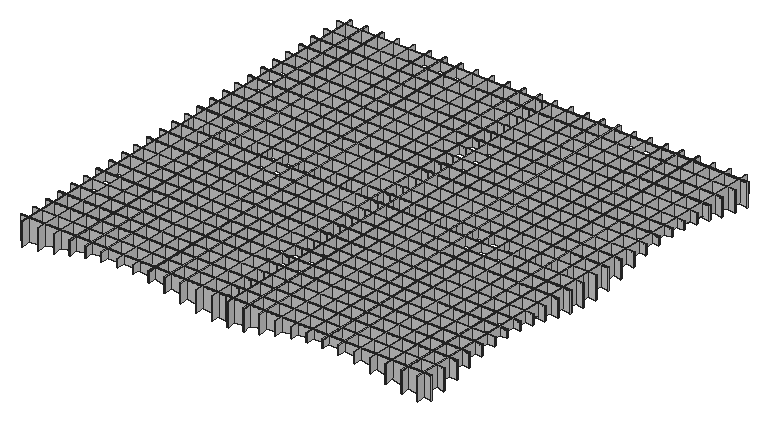
Revit family "CLD-WFL-002_RFA", category Modelos genéricos, Revit 2022 (continued)
Forms (in)
  Extrusion 325, solid
    sketch origin (108, 86.88167, 0) x (1, 0, 0) y (0, 0, 1)
      loop
        spline (3.90978, 3.20744) -> (4.64427, 3.31686) -> (5.37851, 3.42317) -> (6.11243, 3.52634) -> (6.84596, 3.62635) -> (7.57903, 3.72316) -> (8.31156, 3.81675) -> (9.04347, 3.90709) -> (9.77469, 3.99415) -> (10.50515, 4.07789) -> (11.23478, 4.1583) -> (11.96349, 4.23534) -> (12.69122, 4.30898)
        spline (12.69122, 4.30898) -> (13.34952, 4.37039) -> (14.00673, 4.4286) -> (14.66285, 4.48364) -> (15.31792, 4.53559) -> (15.97202, 4.58455) -> (16.62518, 4.63059) -> (17.27747, 4.67381) -> (17.92894, 4.71429) -> (18.57965, 4.75212) -> (19.22966, 4.78738) -> (19.87902, 4.82016) -> (20.52778, 4.85054)
        spline (20.52778, 4.85054) -> (21.26115, 4.88062) -> (21.99402, 4.90823) -> (22.72646, 4.93347) -> (23.45851, 4.95644) -> (24.19026, 4.97724) -> (24.92176, 4.99598) -> (25.65309, 5.01275) -> (26.38429, 5.02764) -> (27.11545, 5.04077) -> (27.84661, 5.05223) -> (28.57785, 5.06211) -> (29.30922, 5.07053)
        spline (29.30922, 5.07053) -> (29.95995, 5.07584) -> (30.61094, 5.08009) -> (31.26223, 5.08336) -> (31.91387, 5.08574) -> (32.56591, 5.08733) -> (33.21841, 5.0882) -> (33.87141, 5.08846) -> (34.52497, 5.08817) -> (35.17914, 5.08744) -> (35.83396, 5.08636) -> (36.48949, 5.085) -> (37.14578, 5.08346)
        spline (37.14578, 5.08346) -> (37.87194, 5.08165) -> (38.59907, 5.0799) -> (39.32723, 5.0783) -> (40.05647, 5.07696) -> (40.78684, 5.07594) -> (41.51831, 5.07527) -> (42.25083, 5.07491) -> (42.98434, 5.07483) -> (43.7188, 5.075) -> (44.45413, 5.07538) -> (45.19029, 5.07596) -> (45.92722, 5.0767)
        spline (45.92722, 5.0767) -> (46.57816, 5.07753) -> (47.22964, 5.07843) -> (47.88162, 5.07937) -> (48.53404, 5.08033) -> (49.18687, 5.08128) -> (49.84004, 5.0822) -> (50.49352, 5.08306) -> (51.14725, 5.08383) -> (51.80119, 5.0845) -> (52.45529, 5.08503) -> (53.1095, 5.0854) -> (53.76378, 5.08558)
        spline (53.76378, 5.08558) -> (54.49695, 5.08542) -> (55.23004, 5.08505) -> (55.96301, 5.0845) -> (56.6958, 5.0838) -> (57.42835, 5.08298) -> (58.16062, 5.08206) -> (58.89255, 5.08107) -> (59.62408, 5.08005) -> (60.35517, 5.07902) -> (61.08576, 5.07801) -> (61.81579, 5.07705) -> (62.54522, 5.07616)
        spline (62.54522, 5.07616) -> (63.20286, 5.07551) -> (63.85981, 5.075) -> (64.51602, 5.07466) -> (65.17144, 5.07452) -> (65.82603, 5.0746) -> (66.47973, 5.07493) -> (67.1325, 5.07554) -> (67.78428, 5.07645) -> (68.43505, 5.07766) -> (69.08486, 5.07909) -> (69.73376, 5.08066) -> (70.38178, 5.08229)
        spline (70.38178, 5.08229) -> (71.1172, 5.08386) -> (71.85177, 5.08523) -> (72.58555, 5.08629) -> (73.31859, 5.08695) -> (74.05095, 5.08712) -> (74.78269, 5.08668) -> (75.51386, 5.08555) -> (76.24453, 5.08362) -> (76.97474, 5.08079) -> (77.70455, 5.07697) -> (78.43403, 5.07206) -> (79.16322, 5.06596)
        spline (79.16322, 5.06596) -> (79.81589, 5.05858) -> (80.46845, 5.04989) -> (81.12094, 5.0398) -> (81.77342, 5.02821) -> (82.42595, 5.01505) -> (83.07858, 5.00022) -> (83.73137, 4.98363) -> (84.38439, 4.9652) -> (85.03768, 4.94483) -> (85.6913, 4.92244) -> (86.34531, 4.89793) -> (86.99978, 4.87123)
        spline (86.99978, 4.87123) -> (87.72677, 4.83707) -> (88.45442, 4.80022) -> (89.18281, 4.7606) -> (89.91198, 4.7181) -> (90.642, 4.67263) -> (91.37294, 4.62408) -> (92.10486, 4.57237) -> (92.83781, 4.5174) -> (93.57187, 4.45907) -> (94.3071, 4.39728) -> (95.04355, 4.33194) -> (95.78122, 4.26301)
        spline (95.78122, 4.26301) -> (96.43065, 4.19725) -> (97.08095, 4.12847) -> (97.73207, 4.05667) -> (98.38393, 3.9819) -> (99.03648, 3.90417) -> (99.68963, 3.82352) -> (100.34334, 3.73996) -> (100.99753, 3.65352) -> (101.65213, 3.56424) -> (102.30709, 3.47213) -> (102.96233, 3.37722) -> (103.61778, 3.27954)
        spline (103.61778, 3.27954) -> (103.98302, 3.22342) -> (104.34828, 3.16655) -> (104.71355, 3.10893) -> (105.07882, 3.05057) -> (105.44409, 2.99146) -> (105.80934, 2.93162) -> (106.17456, 2.87105) -> (106.53976, 2.80974) -> (106.9049, 2.74771) -> (107.27, 2.68496) -> (107.63504, 2.62148) -> (108, 2.55729)
        line (108, 2.55729) -> (108, 11.82144)
    from -0.11811 to 0
  Extrusion 326, solid
    sketch origin (108, 86.99978, 0) x (1, 0, 0) y (0, 0, 1)
      loop
        line (108, 11.82144) -> (0, 11.82144) -> (0, 2.55729)
        spline (0, 2.55729) -> (0.32561, 2.61504) -> (0.65129, 2.67215) -> (0.97702, 2.72862) -> (1.3028, 2.78445) -> (1.62862, 2.83963) -> (1.95447, 2.89415) -> (2.28035, 2.94802) -> (2.60624, 3.00123) -> (2.93213, 3.05379) -> (3.25803, 3.10567) -> (3.58391, 3.15689) -> (3.90978, 3.20744)
        spline (3.90978, 3.20744) -> (4.64427, 3.31686) -> (5.37851, 3.42317) -> (6.11243, 3.52634) -> (6.84596, 3.62635) -> (7.57903, 3.72316) -> (8.31156, 3.81675) -> (9.04347, 3.90709) -> (9.77469, 3.99415) -> (10.50515, 4.07789) -> (11.23478, 4.1583) -> (11.96349, 4.23534) -> (12.69122, 4.30898)
        spline (12.69122, 4.30898) -> (13.34952, 4.37039) -> (14.00673, 4.4286) -> (14.66285, 4.48364) -> (15.31792, 4.53559) -> (15.97202, 4.58455) -> (16.62518, 4.63059) -> (17.27747, 4.67381) -> (17.92894, 4.71429) -> (18.57965, 4.75212) -> (19.22966, 4.78738) -> (19.87902, 4.82016) -> (20.52778, 4.85054)
        spline (20.52778, 4.85054) -> (21.26115, 4.88062) -> (21.99402, 4.90823) -> (22.72646, 4.93347) -> (23.45851, 4.95644) -> (24.19026, 4.97724) -> (24.92176, 4.99598) -> (25.65309, 5.01275) -> (26.38429, 5.02764) -> (27.11545, 5.04077) -> (27.84661, 5.05223) -> (28.57785, 5.06211) -> (29.30922, 5.07053)
        spline (29.30922, 5.07053) -> (29.95995, 5.07584) -> (30.61094, 5.08009) -> (31.26223, 5.08336) -> (31.91387, 5.08574) -> (32.56591, 5.08733) -> (33.21841, 5.0882) -> (33.87141, 5.08846) -> (34.52497, 5.08817) -> (35.17914, 5.08744) -> (35.83396, 5.08636) -> (36.48949, 5.085) -> (37.14578, 5.08346)
        spline (37.14578, 5.08346) -> (37.87194, 5.08165) -> (38.59907, 5.0799) -> (39.32723, 5.0783) -> (40.05647, 5.07696) -> (40.78684, 5.07594) -> (41.51831, 5.07527) -> (42.25083, 5.07491) -> (42.98434, 5.07483) -> (43.7188, 5.075) -> (44.45413, 5.07538) -> (45.19029, 5.07596) -> (45.92722, 5.0767)
        spline (45.92722, 5.0767) -> (46.57816, 5.07753) -> (47.22964, 5.07843) -> (47.88162, 5.07937) -> (48.53404, 5.08033) -> (49.18687, 5.08128) -> (49.84004, 5.0822) -> (50.49352, 5.08306) -> (51.14725, 5.08383) -> (51.80119, 5.0845) -> (52.45529, 5.08503) -> (53.1095, 5.0854) -> (53.76378, 5.08558)
        spline (53.76378, 5.08558) -> (54.49695, 5.08542) -> (55.23004, 5.08505) -> (55.96301, 5.0845) -> (56.6958, 5.0838) -> (57.42835, 5.08298) -> (58.16062, 5.08206) -> (58.89255, 5.08107) -> (59.62408, 5.08005) -> (60.35517, 5.07902) -> (61.08576, 5.07801) -> (61.81579, 5.07705) -> (62.54522, 5.07616)
        spline (62.54522, 5.07616) -> (63.20286, 5.07551) -> (63.85981, 5.075) -> (64.51602, 5.07466) -> (65.17144, 5.07452) -> (65.82603, 5.0746) -> (66.47973, 5.07493) -> (67.1325, 5.07554) -> (67.78428, 5.07645) -> (68.43505, 5.07766) -> (69.08486, 5.07909) -> (69.73376, 5.08066) -> (70.38178, 5.08229)
        spline (70.38178, 5.08229) -> (71.1172, 5.08386) -> (71.85177, 5.08523) -> (72.58555, 5.08629) -> (73.31859, 5.08695) -> (74.05095, 5.08712) -> (74.78269, 5.08668) -> (75.51386, 5.08555) -> (76.24453, 5.08362) -> (76.97474, 5.08079) -> (77.70455, 5.07697) -> (78.43403, 5.07206) -> (79.16322, 5.06596)
        spline (79.16322, 5.06596) -> (79.81589, 5.05858) -> (80.46845, 5.04989) -> (81.12094, 5.0398) -> (81.77342, 5.02821) -> (82.42595, 5.01505) -> (83.07858, 5.00022) -> (83.73137, 4.98363) -> (84.38439, 4.9652) -> (85.03768, 4.94483) -> (85.6913, 4.92244) -> (86.34531, 4.89793) -> (86.99978, 4.87123)
        spline (86.99978, 4.87123) -> (87.72677, 4.83707) -> (88.45442, 4.80022) -> (89.18281, 4.7606) -> (89.91198, 4.7181) -> (90.642, 4.67263) -> (91.37294, 4.62408) -> (92.10486, 4.57237) -> (92.83781, 4.5174) -> (93.57187, 4.45907) -> (94.3071, 4.39728) -> (95.04355, 4.33194) -> (95.78122, 4.26301)
        spline (95.78122, 4.26301) -> (96.43065, 4.19725) -> (97.08095, 4.12847) -> (97.73207, 4.05667) -> (98.38393, 3.9819) -> (99.03648, 3.90417) -> (99.68963, 3.82352) -> (100.34334, 3.73996) -> (100.99753, 3.65352) -> (101.65213, 3.56424) -> (102.30709, 3.47213) -> (102.96233, 3.37722) -> (103.61778, 3.27954)
        spline (103.61778, 3.27954) -> (103.98302, 3.22342) -> (104.34828, 3.16655) -> (104.71355, 3.10893) -> (105.07882, 3.05057) -> (105.44409, 2.99146) -> (105.80934, 2.93162) -> (106.17456, 2.87105) -> (106.53976, 2.80974) -> (106.9049, 2.74771) -> (107.27, 2.68496) -> (107.63504, 2.62148) -> (108, 2.55729)
        line (108, 2.55729) -> (108, 11.82144)
    from -0.47244 to 0
  Extrusion 327, solid
    sketch origin (108, 87.47222, 0) x (1, 0, 0) y (0, 0, 1)
      loop
        line (108, 11.82144) -> (0, 11.82144) -> (0, 2.55729)
        spline (0, 2.55729) -> (0.32561, 2.61504) -> (0.65129, 2.67215) -> (0.97702, 2.72862) -> (1.3028, 2.78445) -> (1.62862, 2.83963) -> (1.95447, 2.89415) -> (2.28035, 2.94802) -> (2.60624, 3.00123) -> (2.93213, 3.05379) -> (3.25803, 3.10567) -> (3.58391, 3.15689) -> (3.90978, 3.20744)
        spline (3.90978, 3.20744) -> (4.64427, 3.31686) -> (5.37851, 3.42317) -> (6.11243, 3.52634) -> (6.84596, 3.62635) -> (7.57903, 3.72316) -> (8.31156, 3.81675) -> (9.04347, 3.90709) -> (9.77469, 3.99415) -> (10.50515, 4.07789) -> (11.23478, 4.1583) -> (11.96349, 4.23534) -> (12.69122, 4.30898)
        spline (12.69122, 4.30898) -> (13.34952, 4.37039) -> (14.00673, 4.4286) -> (14.66285, 4.48364) -> (15.31792, 4.53559) -> (15.97202, 4.58455) -> (16.62518, 4.63059) -> (17.27747, 4.67381) -> (17.92894, 4.71429) -> (18.57965, 4.75212) -> (19.22966, 4.78738) -> (19.87902, 4.82016) -> (20.52778, 4.85054)
        spline (20.52778, 4.85054) -> (21.26115, 4.88062) -> (21.99402, 4.90823) -> (22.72646, 4.93347) -> (23.45851, 4.95644) -> (24.19026, 4.97724) -> (24.92176, 4.99598) -> (25.65309, 5.01275) -> (26.38429, 5.02764) -> (27.11545, 5.04077) -> (27.84661, 5.05223) -> (28.57785, 5.06211) -> (29.30922, 5.07053)
        spline (29.30922, 5.07053) -> (29.95995, 5.07584) -> (30.61094, 5.08009) -> (31.26223, 5.08336) -> (31.91387, 5.08574) -> (32.56591, 5.08733) -> (33.21841, 5.0882) -> (33.87141, 5.08846) -> (34.52497, 5.08817) -> (35.17914, 5.08744) -> (35.83396, 5.08636) -> (36.48949, 5.085) -> (37.14578, 5.08346)
        spline (37.14578, 5.08346) -> (37.87194, 5.08165) -> (38.59907, 5.0799) -> (39.32723, 5.0783) -> (40.05647, 5.07696) -> (40.78684, 5.07594) -> (41.51831, 5.07527) -> (42.25083, 5.07491) -> (42.98434, 5.07483) -> (43.7188, 5.075) -> (44.45413, 5.07538) -> (45.19029, 5.07596) -> (45.92722, 5.0767)
        spline (45.92722, 5.0767) -> (46.57816, 5.07753) -> (47.22964, 5.07843) -> (47.88162, 5.07937) -> (48.53404, 5.08033) -> (49.18687, 5.08128) -> (49.84004, 5.0822) -> (50.49352, 5.08306) -> (51.14725, 5.08383) -> (51.80119, 5.0845) -> (52.45529, 5.08503) -> (53.1095, 5.0854) -> (53.76378, 5.08558)
        spline (53.76378, 5.08558) -> (54.49695, 5.08542) -> (55.23004, 5.08505) -> (55.96301, 5.0845) -> (56.6958, 5.0838) -> (57.42835, 5.08298) -> (58.16062, 5.08206) -> (58.89255, 5.08107) -> (59.62408, 5.08005) -> (60.35517, 5.07902) -> (61.08576, 5.07801) -> (61.81579, 5.07705) -> (62.54522, 5.07616)
        spline (62.54522, 5.07616) -> (63.20286, 5.07551) -> (63.85981, 5.075) -> (64.51602, 5.07466) -> (65.17144, 5.07452) -> (65.82603, 5.0746) -> (66.47973, 5.07493) -> (67.1325, 5.07554) -> (67.78428, 5.07645) -> (68.43505, 5.07766) -> (69.08486, 5.07909) -> (69.73376, 5.08066) -> (70.38178, 5.08229)
        spline (70.38178, 5.08229) -> (71.1172, 5.08386) -> (71.85177, 5.08523) -> (72.58555, 5.08629) -> (73.31859, 5.08695) -> (74.05095, 5.08712) -> (74.78269, 5.08668) -> (75.51386, 5.08555) -> (76.24453, 5.08362) -> (76.97474, 5.08079) -> (77.70455, 5.07697) -> (78.43403, 5.07206) -> (79.16322, 5.06596)
        spline (79.16322, 5.06596) -> (79.81589, 5.05858) -> (80.46845, 5.04989) -> (81.12094, 5.0398) -> (81.77342, 5.02821) -> (82.42595, 5.01505) -> (83.07858, 5.00022) -> (83.73137, 4.98363) -> (84.38439, 4.9652) -> (85.03768, 4.94483) -> (85.6913, 4.92244) -> (86.34531, 4.89793) -> (86.99978, 4.87123)
        spline (86.99978, 4.87123) -> (87.72677, 4.83707) -> (88.45442, 4.80022) -> (89.18281, 4.7606) -> (89.91198, 4.7181) -> (90.642, 4.67263) -> (91.37294, 4.62408) -> (92.10486, 4.57237) -> (92.83781, 4.5174) -> (93.57187, 4.45907) -> (94.3071, 4.39728) -> (95.04355, 4.33194) -> (95.78122, 4.26301)
        spline (95.78122, 4.26301) -> (96.43065, 4.19725) -> (97.08095, 4.12847) -> (97.73207, 4.05667) -> (98.38393, 3.9819) -> (99.03648, 3.90417) -> (99.68963, 3.82352) -> (100.34334, 3.73996) -> (100.99753, 3.65352) -> (101.65213, 3.56424) -> (102.30709, 3.47213) -> (102.96233, 3.37722) -> (103.61778, 3.27954)
        spline (103.61778, 3.27954) -> (103.98302, 3.22342) -> (104.34828, 3.16655) -> (104.71355, 3.10893) -> (105.07882, 3.05057) -> (105.44409, 2.99146) -> (105.80934, 2.93162) -> (106.17456, 2.87105) -> (106.53976, 2.80974) -> (106.9049, 2.74771) -> (107.27, 2.68496) -> (107.63504, 2.62148) -> (108, 2.55729)
        line (108, 2.55729) -> (108, 11.82144)
    from -0.11811 to 0
  Extrusion 328, solid
    sketch origin (108, 95.19067, 0) x (1, 0, 0) y (0, 0, 1)
      loop
        line (108, 11.82144) -> (0, 11.82144) -> (0, 0.88375)
        spline (0, 0.88375) -> (0.32561, 0.94348) -> (0.65129, 1.00296) -> (0.97702, 1.06219) -> (1.3028, 1.12116) -> (1.62862, 1.1799) -> (1.95447, 1.23838) -> (2.28035, 1.29662) -> (2.60624, 1.35462) -> (2.93213, 1.41237) -> (3.25803, 1.46988) -> (3.58391, 1.52715) -> (3.90978, 1.58418)
        spline (3.90978, 1.58418) -> (4.64426, 1.71122) -> (5.37851, 1.8372) -> (6.11243, 1.96212) -> (6.84596, 2.086) -> (7.57903, 2.20885) -> (8.31155, 2.33067) -> (9.04347, 2.45149) -> (9.77469, 2.57131) -> (10.50515, 2.69014) -> (11.23478, 2.80798) -> (11.96349, 2.92486) -> (12.69122, 3.04079)
        spline (12.69122, 3.04079) -> (13.34952, 3.14441) -> (14.00673, 3.24717) -> (14.66285, 3.34906) -> (15.31792, 3.45005) -> (15.97202, 3.55011) -> (16.62518, 3.64921) -> (17.27747, 3.74732) -> (17.92894, 3.8444) -> (18.57965, 3.94043) -> (19.22966, 4.03537) -> (19.87902, 4.12919) -> (20.52778, 4.22187)
        spline (20.52778, 4.22187) -> (21.26116, 4.32437) -> (21.99403, 4.42546) -> (22.72646, 4.52511) -> (23.45852, 4.62328) -> (24.19027, 4.71993) -> (24.92177, 4.81503) -> (25.6531, 4.90854) -> (26.3843, 5.00042) -> (27.11545, 5.09065) -> (27.84662, 5.17918) -> (28.57786, 5.26598) -> (29.30922, 5.35101)
        spline (29.30922, 5.35101) -> (29.95995, 5.42391) -> (30.61094, 5.49516) -> (31.26223, 5.56472) -> (31.91387, 5.63257) -> (32.56591, 5.69867) -> (33.21841, 5.763) -> (33.87141, 5.82551) -> (34.52497, 5.88618) -> (35.17914, 5.94498) -> (35.83396, 6.00187) -> (36.48949, 6.05683) -> (37.14578, 6.10982)
        spline (37.14578, 6.10982) -> (37.87194, 6.16453) -> (38.59907, 6.21702) -> (39.32723, 6.26723) -> (40.05647, 6.31514) -> (40.78684, 6.36072) -> (41.51831, 6.40397) -> (42.25083, 6.44489) -> (42.98434, 6.4835) -> (43.71879, 6.51981) -> (44.45413, 6.55383) -> (45.19029, 6.58557) -> (45.92722, 6.61503)
        spline (45.92722, 6.61503) -> (46.57816, 6.6376) -> (47.22964, 6.65822) -> (47.88162, 6.67689) -> (48.53404, 6.69363) -> (49.18687, 6.70845) -> (49.84004, 6.72134) -> (50.49352, 6.73234) -> (51.14725, 6.74143) -> (51.80119, 6.74863) -> (52.45529, 6.75396) -> (53.1095, 6.75742) -> (53.76378, 6.75901)
        spline (53.76378, 6.75901) -> (54.49695, 6.7572) -> (55.23004, 6.75331) -> (55.96301, 6.74732) -> (56.6958, 6.73922) -> (57.42835, 6.72901) -> (58.16062, 6.71667) -> (58.89255, 6.7022) -> (59.62408, 6.68557) -> (60.35517, 6.66679) -> (61.08576, 6.64585) -> (61.81579, 6.62272) -> (62.54522, 6.59741)
        spline (62.54522, 6.59741) -> (63.20286, 6.57112) -> (63.85981, 6.54281) -> (64.51602, 6.51247) -> (65.17144, 6.48008) -> (65.82603, 6.44563) -> (66.47973, 6.40912) -> (67.1325, 6.37054) -> (67.78428, 6.32988) -> (68.43505, 6.28713) -> (69.08486, 6.24233) -> (69.73376, 6.19551) -> (70.38178, 6.14669)
        spline (70.38178, 6.14669) -> (71.1172, 6.08737) -> (71.85177, 6.02584) -> (72.58554, 5.96214) -> (73.31858, 5.89631) -> (74.05094, 5.82838) -> (74.78268, 5.75838) -> (75.51386, 5.68636) -> (76.24452, 5.61234) -> (76.97473, 5.53637) -> (77.70455, 5.45847) -> (78.43403, 5.37869) -> (79.16322, 5.29705)
        spline (79.16322, 5.29705) -> (79.81589, 5.22111) -> (80.46845, 5.14359) -> (81.12094, 5.06452) -> (81.77342, 4.98394) -> (82.42595, 4.90188) -> (83.07858, 4.81837) -> (83.73137, 4.73344) -> (84.38439, 4.64713) -> (85.03768, 4.55947) -> (85.6913, 4.47048) -> (86.34531, 4.3802) -> (86.99978, 4.28866)
        spline (86.99978, 4.28866) -> (87.72677, 4.18488) -> (88.45442, 4.07981) -> (89.1828, 3.97349) -> (89.91197, 3.86595) -> (90.64199, 3.75723) -> (91.37293, 3.64737) -> (92.10485, 3.53639) -> (92.8378, 3.42433) -> (93.57186, 3.31123) -> (94.30709, 3.19712) -> (95.04354, 3.08203) -> (95.78122, 2.96599)
        spline (95.78122, 2.96599) -> (96.4698, 2.85601) -> (97.15931, 2.74512) -> (97.84968, 2.63332) -> (98.54085, 2.52058) -> (99.23273, 2.40692) -> (99.92527, 2.2923) -> (100.61838, 2.17673) -> (101.31201, 2.06019) -> (102.00608, 1.94268) -> (102.70052, 1.82418) -> (103.39525, 1.70469) -> (104.09022, 1.58418)
        spline (104.09022, 1.58418) -> (104.41609, 1.52715) -> (104.74197, 1.46988) -> (105.06787, 1.41237) -> (105.39376, 1.35462) -> (105.71965, 1.29662) -> (106.04553, 1.23838) -> (106.37138, 1.1799) -> (106.6972, 1.12116) -> (107.02298, 1.06219) -> (107.34871, 1.00296) -> (107.67439, 0.94348) -> (108, 0.88375)
        line (108, 0.88375) -> (108, 11.82144)
    from -0.11811 to 0
  Extrusion 329, solid
    sketch origin (108, 95.66311, 0) x (1, 0, 0) y (0, 0, 1)
      loop
        line (108, 11.82144) -> (0, 11.82144) -> (0, 0.88375)
        spline (0, 0.88375) -> (0.32561, 0.94348) -> (0.65129, 1.00296) -> (0.97702, 1.06219) -> (1.3028, 1.12116) -> (1.62862, 1.1799) -> (1.95447, 1.23838) -> (2.28035, 1.29662) -> (2.60624, 1.35462) -> (2.93213, 1.41237) -> (3.25803, 1.46988) -> (3.58391, 1.52715) -> (3.90978, 1.58418)
        spline (3.90978, 1.58418) -> (4.64426, 1.71122) -> (5.37851, 1.8372) -> (6.11243, 1.96212) -> (6.84596, 2.086) -> (7.57903, 2.20885) -> (8.31155, 2.33067) -> (9.04347, 2.45149) -> (9.77469, 2.57131) -> (10.50515, 2.69014) -> (11.23478, 2.80798) -> (11.96349, 2.92486) -> (12.69122, 3.04079)
        spline (12.69122, 3.04079) -> (13.34952, 3.14441) -> (14.00673, 3.24717) -> (14.66285, 3.34906) -> (15.31792, 3.45005) -> (15.97202, 3.55011) -> (16.62518, 3.64921) -> (17.27747, 3.74732) -> (17.92894, 3.8444) -> (18.57965, 3.94043) -> (19.22966, 4.03537) -> (19.87902, 4.12919) -> (20.52778, 4.22187)
        spline (20.52778, 4.22187) -> (21.26116, 4.32437) -> (21.99403, 4.42546) -> (22.72646, 4.52511) -> (23.45852, 4.62328) -> (24.19027, 4.71993) -> (24.92177, 4.81503) -> (25.6531, 4.90854) -> (26.3843, 5.00042) -> (27.11545, 5.09065) -> (27.84662, 5.17918) -> (28.57786, 5.26598) -> (29.30922, 5.35101)
        spline (29.30922, 5.35101) -> (29.95995, 5.42391) -> (30.61094, 5.49516) -> (31.26223, 5.56472) -> (31.91387, 5.63257) -> (32.56591, 5.69867) -> (33.21841, 5.763) -> (33.87141, 5.82551) -> (34.52497, 5.88618) -> (35.17914, 5.94498) -> (35.83396, 6.00187) -> (36.48949, 6.05683) -> (37.14578, 6.10982)
        spline (37.14578, 6.10982) -> (37.87194, 6.16453) -> (38.59907, 6.21702) -> (39.32723, 6.26723) -> (40.05647, 6.31514) -> (40.78684, 6.36072) -> (41.51831, 6.40397) -> (42.25083, 6.44489) -> (42.98434, 6.4835) -> (43.71879, 6.51981) -> (44.45413, 6.55383) -> (45.19029, 6.58557) -> (45.92722, 6.61503)
        spline (45.92722, 6.61503) -> (46.57816, 6.6376) -> (47.22964, 6.65822) -> (47.88162, 6.67689) -> (48.53404, 6.69363) -> (49.18687, 6.70845) -> (49.84004, 6.72134) -> (50.49352, 6.73234) -> (51.14725, 6.74143) -> (51.80119, 6.74863) -> (52.45529, 6.75396) -> (53.1095, 6.75742) -> (53.76378, 6.75901)
        spline (53.76378, 6.75901) -> (54.49695, 6.7572) -> (55.23004, 6.75331) -> (55.96301, 6.74732) -> (56.6958, 6.73922) -> (57.42835, 6.72901) -> (58.16062, 6.71667) -> (58.89255, 6.7022) -> (59.62408, 6.68557) -> (60.35517, 6.66679) -> (61.08576, 6.64585) -> (61.81579, 6.62272) -> (62.54522, 6.59741)
        spline (62.54522, 6.59741) -> (63.20286, 6.57112) -> (63.85981, 6.54281) -> (64.51602, 6.51247) -> (65.17144, 6.48008) -> (65.82603, 6.44563) -> (66.47973, 6.40912) -> (67.1325, 6.37054) -> (67.78428, 6.32988) -> (68.43505, 6.28713) -> (69.08486, 6.24233) -> (69.73376, 6.19551) -> (70.38178, 6.14669)
        spline (70.38178, 6.14669) -> (71.1172, 6.08737) -> (71.85177, 6.02584) -> (72.58554, 5.96214) -> (73.31858, 5.89631) -> (74.05094, 5.82838) -> (74.78268, 5.75838) -> (75.51386, 5.68636) -> (76.24452, 5.61234) -> (76.97473, 5.53637) -> (77.70455, 5.45847) -> (78.43403, 5.37869) -> (79.16322, 5.29705)
        spline (79.16322, 5.29705) -> (79.81589, 5.22111) -> (80.46845, 5.14359) -> (81.12094, 5.06452) -> (81.77342, 4.98394) -> (82.42595, 4.90188) -> (83.07858, 4.81837) -> (83.73137, 4.73344) -> (84.38439, 4.64713) -> (85.03768, 4.55947) -> (85.6913, 4.47048) -> (86.34531, 4.3802) -> (86.99978, 4.28866)
        spline (86.99978, 4.28866) -> (87.72677, 4.18488) -> (88.45442, 4.07981) -> (89.1828, 3.97349) -> (89.91197, 3.86595) -> (90.64199, 3.75723) -> (91.37293, 3.64737) -> (92.10485, 3.53639) -> (92.8378, 3.42433) -> (93.57186, 3.31123) -> (94.30709, 3.19712) -> (95.04354, 3.08203) -> (95.78122, 2.96599)
        spline (95.78122, 2.96599) -> (96.4698, 2.85601) -> (97.15931, 2.74512) -> (97.84968, 2.63332) -> (98.54085, 2.52058) -> (99.23273, 2.40692) -> (99.92527, 2.2923) -> (100.61838, 2.17673) -> (101.31201, 2.06019) -> (102.00608, 1.94268) -> (102.70052, 1.82418) -> (103.39525, 1.70469) -> (104.09022, 1.58418)
        spline (104.09022, 1.58418) -> (104.41609, 1.52715) -> (104.74197, 1.46988) -> (105.06787, 1.41237) -> (105.39376, 1.35462) -> (105.71965, 1.29662) -> (106.04553, 1.23838) -> (106.37138, 1.1799) -> (106.6972, 1.12116) -> (107.02298, 1.06219) -> (107.34871, 1.00296) -> (107.67439, 0.94348) -> (108, 0.88375)
        line (108, 0.88375) -> (108, 11.82144)
    from -0.11811 to 0.35433
  Extrusion 330, solid
    sketch origin (108, 95.78122, 0) x (1, 0, 0) y (0, 0, 1)
      loop
        line (108, 11.82144) -> (0, 11.82144) -> (0, 0.88375)
        spline (0, 0.88375) -> (0.32561, 0.94348) -> (0.65129, 1.00296) -> (0.97702, 1.06219) -> (1.3028, 1.12116) -> (1.62862, 1.1799) -> (1.95447, 1.23838) -> (2.28035, 1.29662) -> (2.60624, 1.35462) -> (2.93213, 1.41237) -> (3.25803, 1.46988) -> (3.58391, 1.52715) -> (3.90978, 1.58418)
        spline (3.90978, 1.58418) -> (4.64426, 1.71122) -> (5.37851, 1.8372) -> (6.11243, 1.96212) -> (6.84596, 2.086) -> (7.57903, 2.20885) -> (8.31155, 2.33067) -> (9.04347, 2.45149) -> (9.77469, 2.57131) -> (10.50515, 2.69014) -> (11.23478, 2.80798) -> (11.96349, 2.92486) -> (12.69122, 3.04079)
        spline (12.69122, 3.04079) -> (13.34952, 3.14441) -> (14.00673, 3.24717) -> (14.66285, 3.34906) -> (15.31792, 3.45005) -> (15.97202, 3.55011) -> (16.62518, 3.64921) -> (17.27747, 3.74732) -> (17.92894, 3.8444) -> (18.57965, 3.94043) -> (19.22966, 4.03537) -> (19.87902, 4.12919) -> (20.52778, 4.22187)
        spline (20.52778, 4.22187) -> (21.26116, 4.32437) -> (21.99403, 4.42546) -> (22.72646, 4.52511) -> (23.45852, 4.62328) -> (24.19027, 4.71993) -> (24.92177, 4.81503) -> (25.6531, 4.90854) -> (26.3843, 5.00042) -> (27.11545, 5.09065) -> (27.84662, 5.17918) -> (28.57786, 5.26598) -> (29.30922, 5.35101)
        spline (29.30922, 5.35101) -> (29.95995, 5.42391) -> (30.61094, 5.49516) -> (31.26223, 5.56472) -> (31.91387, 5.63257) -> (32.56591, 5.69867) -> (33.21841, 5.763) -> (33.87141, 5.82551) -> (34.52497, 5.88618) -> (35.17914, 5.94498) -> (35.83396, 6.00187) -> (36.48949, 6.05683) -> (37.14578, 6.10982)
        spline (37.14578, 6.10982) -> (37.87194, 6.16453) -> (38.59907, 6.21702) -> (39.32723, 6.26723) -> (40.05647, 6.31514) -> (40.78684, 6.36072) -> (41.51831, 6.40397) -> (42.25083, 6.44489) -> (42.98434, 6.4835) -> (43.71879, 6.51981) -> (44.45413, 6.55383) -> (45.19029, 6.58557) -> (45.92722, 6.61503)
        spline (45.92722, 6.61503) -> (46.57816, 6.6376) -> (47.22964, 6.65822) -> (47.88162, 6.67689) -> (48.53404, 6.69363) -> (49.18687, 6.70845) -> (49.84004, 6.72134) -> (50.49352, 6.73234) -> (51.14725, 6.74143) -> (51.80119, 6.74863) -> (52.45529, 6.75396) -> (53.1095, 6.75742) -> (53.76378, 6.75901)
        spline (53.76378, 6.75901) -> (54.49695, 6.7572) -> (55.23004, 6.75331) -> (55.96301, 6.74732) -> (56.6958, 6.73922) -> (57.42835, 6.72901) -> (58.16062, 6.71667) -> (58.89255, 6.7022) -> (59.62408, 6.68557) -> (60.35517, 6.66679) -> (61.08576, 6.64585) -> (61.81579, 6.62272) -> (62.54522, 6.59741)
        spline (62.54522, 6.59741) -> (63.20286, 6.57112) -> (63.85981, 6.54281) -> (64.51602, 6.51247) -> (65.17144, 6.48008) -> (65.82603, 6.44563) -> (66.47973, 6.40912) -> (67.1325, 6.37054) -> (67.78428, 6.32988) -> (68.43505, 6.28713) -> (69.08486, 6.24233) -> (69.73376, 6.19551) -> (70.38178, 6.14669)
        spline (70.38178, 6.14669) -> (71.1172, 6.08737) -> (71.85177, 6.02584) -> (72.58554, 5.96214) -> (73.31858, 5.89631) -> (74.05094, 5.82838) -> (74.78268, 5.75838) -> (75.51386, 5.68636) -> (76.24452, 5.61234) -> (76.97473, 5.53637) -> (77.70455, 5.45847) -> (78.43403, 5.37869) -> (79.16322, 5.29705)
        spline (79.16322, 5.29705) -> (79.81589, 5.22111) -> (80.46845, 5.14359) -> (81.12094, 5.06452) -> (81.77342, 4.98394) -> (82.42595, 4.90188) -> (83.07858, 4.81837) -> (83.73137, 4.73344) -> (84.38439, 4.64713) -> (85.03768, 4.55947) -> (85.6913, 4.47048) -> (86.34531, 4.3802) -> (86.99978, 4.28866)
        spline (86.99978, 4.28866) -> (87.72677, 4.18488) -> (88.45442, 4.07981) -> (89.1828, 3.97349) -> (89.91197, 3.86595) -> (90.64199, 3.75723) -> (91.37293, 3.64737) -> (92.10485, 3.53639) -> (92.8378, 3.42433) -> (93.57186, 3.31123) -> (94.30709, 3.19712) -> (95.04354, 3.08203) -> (95.78122, 2.96599)
        spline (95.78122, 2.96599) -> (96.4698, 2.85601) -> (97.15931, 2.74512) -> (97.84968, 2.63332) -> (98.54085, 2.52058) -> (99.23273, 2.40692) -> (99.92527, 2.2923) -> (100.61838, 2.17673) -> (101.31201, 2.06019) -> (102.00608, 1.94268) -> (102.70052, 1.82418) -> (103.39525, 1.70469) -> (104.09022, 1.58418)
        spline (104.09022, 1.58418) -> (104.41609, 1.52715) -> (104.74197, 1.46988) -> (105.06787, 1.41237) -> (105.39376, 1.35462) -> (105.71965, 1.29662) -> (106.04553, 1.23838) -> (106.37138, 1.1799) -> (106.6972, 1.12116) -> (107.02298, 1.06219) -> (107.34871, 1.00296) -> (107.67439, 0.94348) -> (108, 0.88375)
        line (108, 0.88375) -> (108, 11.82144)
    from -0.11811 to 0
  Extrusion 331, solid
    sketch origin (108, 103.49967, 0) x (1, 0, 0) y (0, 0, 1)
      loop
        line (108, 11.82144) -> (0, 11.82144) -> (0, 0)
        spline (0, 0) -> (0.32561, 0.03535) -> (0.65129, 0.07108) -> (0.97702, 0.10719) -> (1.3028, 0.14369) -> (1.62862, 0.18058) -> (1.95447, 0.21788) -> (2.28035, 0.25557) -> (2.60624, 0.29369) -> (2.93213, 0.33222) -> (3.25803, 0.37118) -> (3.58391, 0.41056) -> (3.90978, 0.45039)
        spline (3.90978, 0.45039) -> (4.64427, 0.54331) -> (5.37851, 0.63835) -> (6.11243, 0.73557) -> (6.84597, 0.83501) -> (7.57904, 0.93675) -> (8.31156, 1.04084) -> (9.04347, 1.14734) -> (9.7747, 1.25631) -> (10.50516, 1.36779) -> (11.23478, 1.48186) -> (11.96349, 1.59857) -> (12.69122, 1.71798)
        spline (12.69122, 1.71798) -> (13.38922, 1.83797) -> (14.08606, 1.96074) -> (14.78174, 2.08623) -> (15.47631, 2.21426) -> (16.16984, 2.34463) -> (16.86238, 2.47718) -> (17.55399, 2.61172) -> (18.24473, 2.74807) -> (18.93467, 2.88604) -> (19.62386, 3.02546) -> (20.31235, 3.16614) -> (21.00022, 3.30789)
        spline (21.00022, 3.30789) -> (21.65469, 3.44372) -> (22.3087, 3.5801) -> (22.96232, 3.71687) -> (23.61561, 3.85384) -> (24.26863, 3.99083) -> (24.92142, 4.12768) -> (25.57405, 4.2642) -> (26.22658, 4.40021) -> (26.87906, 4.53554) -> (27.53155, 4.67001) -> (28.18411, 4.80344) -> (28.83678, 4.93566)
        spline (28.83678, 4.93566) -> (29.71888, 5.11051) -> (30.60133, 5.28308) -> (31.48418, 5.45313) -> (32.36752, 5.62042) -> (33.25139, 5.78471) -> (34.13589, 5.94577) -> (35.02106, 6.10336) -> (35.90699, 6.25724) -> (36.79374, 6.40717) -> (37.68137, 6.55291) -> (38.56997, 6.69423) -> (39.45958, 6.83089)
        spline (39.45958, 6.83089) -> (39.81456, 6.88206) -> (40.17002, 6.93114) -> (40.52597, 6.97806) -> (40.88246, 7.0227) -> (41.2395, 7.065) -> (41.59707, 7.10495) -> (41.95516, 7.14258) -> (42.31373, 7.17791) -> (42.67277, 7.21097) -> (43.03223, 7.2418) -> (43.3921, 7.27043) -> (43.75234, 7.29687)
        spline (43.75234, 7.29687) -> (44.62318, 7.35197) -> (45.49474, 7.40207) -> (46.36696, 7.44722) -> (47.23979, 7.48751) -> (48.11314, 7.52299) -> (48.98697, 7.55374) -> (49.8612, 7.57983) -> (50.73577, 7.60132) -> (51.61063, 7.61828) -> (52.48569, 7.63078) -> (53.36091, 7.63889) -> (54.23622, 7.64268)
        spline (54.23622, 7.64268) -> (54.8905, 7.63994) -> (55.54471, 7.63396) -> (56.19881, 7.62471) -> (56.85275, 7.61212) -> (57.50648, 7.59614) -> (58.15996, 7.57673) -> (58.81313, 7.55383) -> (59.46596, 7.5274) -> (60.11838, 7.49738) -> (60.77036, 7.46371) -> (61.42184, 7.42635) -> (62.07278, 7.38525)
        spline (62.07278, 7.38525) -> (62.80971, 7.33115) -> (63.54587, 7.27259) -> (64.28121, 7.20951) -> (65.01566, 7.14186) -> (65.74917, 7.06957) -> (66.48169, 6.99259) -> (67.21316, 6.91086) -> (67.94353, 6.82432) -> (68.67277, 6.73297) -> (69.40093, 6.637) -> (70.12806, 6.53658) -> (70.85422, 6.4319)
        spline (70.85422, 6.4319) -> (71.51051, 6.33081) -> (72.16604, 6.22628) -> (72.82086, 6.11849) -> (73.47503, 6.00761) -> (74.12859, 5.89382) -> (74.78159, 5.7773) -> (75.43409, 5.65821) -> (76.08613, 5.53673) -> (76.73777, 5.41305) -> (77.38906, 5.28733) -> (78.04005, 5.15975) -> (78.69078, 5.03049)
        spline (78.69078, 5.03049) -> (79.42214, 4.88265) -> (80.15338, 4.73345) -> (80.88454, 4.58309) -> (81.6157, 4.43177) -> (82.3469, 4.27969) -> (83.07823, 4.12703) -> (83.80973, 3.97401) -> (84.54148, 3.82083) -> (85.27354, 3.66767) -> (86.00597, 3.51473) -> (86.73884, 3.36223) -> (87.47222, 3.21035)
        spline (87.47222, 3.21035) -> (88.12098, 3.07725) -> (88.77034, 2.94516) -> (89.42035, 2.81427) -> (90.07106, 2.68474) -> (90.72253, 2.55674) -> (91.37482, 2.43044) -> (92.02798, 2.30602) -> (92.68208, 2.18365) -> (93.33715, 2.0635) -> (93.99327, 1.94575) -> (94.65048, 1.83055) -> (95.30878, 1.71798)
        spline (95.30878, 1.71798) -> (96.03651, 1.59857) -> (96.76522, 1.48186) -> (97.49484, 1.36779) -> (98.2253, 1.25631) -> (98.95653, 1.14734) -> (99.68844, 1.04084) -> (100.42096, 0.93675) -> (101.15403, 0.83501) -> (101.88757, 0.73557) -> (102.62149, 0.63835) -> (103.35573, 0.54331) -> (104.09022, 0.45039)
        spline (104.09022, 0.45039) -> (104.41609, 0.41056) -> (104.74197, 0.37118) -> (105.06787, 0.33222) -> (105.39376, 0.29369) -> (105.71965, 0.25557) -> (106.04553, 0.21788) -> (106.37138, 0.18058) -> (106.6972, 0.14369) -> (107.02298, 0.10719) -> (107.34871, 0.07108) -> (107.67439, 0.03535) -> (108, 0)
        line (108, 0) -> (108, 11.82144)
    from -0.11811 to 0
  Extrusion 332, solid
    sketch origin (108, 104.09022, 0) x (1, 0, 0) y (0, 0, 1)
      loop
        line (108, 11.82144) -> (0, 11.82144) -> (0, 0)
        spline (0, 0) -> (0.32561, 0.03535) -> (0.65129, 0.07108) -> (0.97702, 0.10719) -> (1.3028, 0.14369) -> (1.62862, 0.18058) -> (1.95447, 0.21788) -> (2.28035, 0.25557) -> (2.60624, 0.29369) -> (2.93213, 0.33222) -> (3.25803, 0.37118) -> (3.58391, 0.41056) -> (3.90978, 0.45039)
        spline (3.90978, 0.45039) -> (4.64427, 0.54331) -> (5.37851, 0.63835) -> (6.11243, 0.73557) -> (6.84597, 0.83501) -> (7.57904, 0.93675) -> (8.31156, 1.04084) -> (9.04347, 1.14734) -> (9.7747, 1.25631) -> (10.50516, 1.36779) -> (11.23478, 1.48186) -> (11.96349, 1.59857) -> (12.69122, 1.71798)
        spline (12.69122, 1.71798) -> (13.38922, 1.83797) -> (14.08606, 1.96074) -> (14.78174, 2.08623) -> (15.47631, 2.21426) -> (16.16984, 2.34463) -> (16.86238, 2.47718) -> (17.55399, 2.61172) -> (18.24473, 2.74807) -> (18.93467, 2.88604) -> (19.62386, 3.02546) -> (20.31235, 3.16614) -> (21.00022, 3.30789)
        spline (21.00022, 3.30789) -> (21.65469, 3.44372) -> (22.3087, 3.5801) -> (22.96232, 3.71687) -> (23.61561, 3.85384) -> (24.26863, 3.99083) -> (24.92142, 4.12768) -> (25.57405, 4.2642) -> (26.22658, 4.40021) -> (26.87906, 4.53554) -> (27.53155, 4.67001) -> (28.18411, 4.80344) -> (28.83678, 4.93566)
        spline (28.83678, 4.93566) -> (29.71888, 5.11051) -> (30.60133, 5.28308) -> (31.48418, 5.45313) -> (32.36752, 5.62042) -> (33.25139, 5.78471) -> (34.13589, 5.94577) -> (35.02106, 6.10336) -> (35.90699, 6.25724) -> (36.79374, 6.40717) -> (37.68137, 6.55291) -> (38.56997, 6.69423) -> (39.45958, 6.83089)
        spline (39.45958, 6.83089) -> (39.81456, 6.88206) -> (40.17002, 6.93114) -> (40.52597, 6.97806) -> (40.88246, 7.0227) -> (41.2395, 7.065) -> (41.59707, 7.10495) -> (41.95516, 7.14258) -> (42.31373, 7.17791) -> (42.67277, 7.21097) -> (43.03223, 7.2418) -> (43.3921, 7.27043) -> (43.75234, 7.29687)
        spline (43.75234, 7.29687) -> (44.62318, 7.35197) -> (45.49474, 7.40207) -> (46.36696, 7.44722) -> (47.23979, 7.48751) -> (48.11314, 7.52299) -> (48.98697, 7.55374) -> (49.8612, 7.57983) -> (50.73577, 7.60132) -> (51.61063, 7.61828) -> (52.48569, 7.63078) -> (53.36091, 7.63889) -> (54.23622, 7.64268)
        spline (54.23622, 7.64268) -> (54.8905, 7.63994) -> (55.54471, 7.63396) -> (56.19881, 7.62471) -> (56.85275, 7.61212) -> (57.50648, 7.59614) -> (58.15996, 7.57673) -> (58.81313, 7.55383) -> (59.46596, 7.5274) -> (60.11838, 7.49738) -> (60.77036, 7.46371) -> (61.42184, 7.42635) -> (62.07278, 7.38525)
        spline (62.07278, 7.38525) -> (62.80971, 7.33115) -> (63.54587, 7.27259) -> (64.28121, 7.20951) -> (65.01566, 7.14186) -> (65.74917, 7.06957) -> (66.48169, 6.99259) -> (67.21316, 6.91086) -> (67.94353, 6.82432) -> (68.67277, 6.73297) -> (69.40093, 6.637) -> (70.12806, 6.53658) -> (70.85422, 6.4319)
        spline (70.85422, 6.4319) -> (71.51051, 6.33081) -> (72.16604, 6.22628) -> (72.82086, 6.11849) -> (73.47503, 6.00761) -> (74.12859, 5.89382) -> (74.78159, 5.7773) -> (75.43409, 5.65821) -> (76.08613, 5.53673) -> (76.73777, 5.41305) -> (77.38906, 5.28733) -> (78.04005, 5.15975) -> (78.69078, 5.03049)
        spline (78.69078, 5.03049) -> (79.42214, 4.88265) -> (80.15338, 4.73345) -> (80.88454, 4.58309) -> (81.6157, 4.43177) -> (82.3469, 4.27969) -> (83.07823, 4.12703) -> (83.80973, 3.97401) -> (84.54148, 3.82083) -> (85.27354, 3.66767) -> (86.00597, 3.51473) -> (86.73884, 3.36223) -> (87.47222, 3.21035)
        spline (87.47222, 3.21035) -> (88.12098, 3.07725) -> (88.77034, 2.94516) -> (89.42035, 2.81427) -> (90.07106, 2.68474) -> (90.72253, 2.55674) -> (91.37482, 2.43044) -> (92.02798, 2.30602) -> (92.68208, 2.18365) -> (93.33715, 2.0635) -> (93.99327, 1.94575) -> (94.65048, 1.83055) -> (95.30878, 1.71798)
        spline (95.30878, 1.71798) -> (96.03651, 1.59857) -> (96.76522, 1.48186) -> (97.49484, 1.36779) -> (98.2253, 1.25631) -> (98.95653, 1.14734) -> (99.68844, 1.04084) -> (100.42096, 0.93675) -> (101.15403, 0.83501) -> (101.88757, 0.73557) -> (102.62149, 0.63835) -> (103.35573, 0.54331) -> (104.09022, 0.45039)
        spline (104.09022, 0.45039) -> (104.41609, 0.41056) -> (104.74197, 0.37118) -> (105.06787, 0.33222) -> (105.39376, 0.29369) -> (105.71965, 0.25557) -> (106.04553, 0.21788) -> (106.37138, 0.18058) -> (106.6972, 0.14369) -> (107.02298, 0.10719) -> (107.34871, 0.07108) -> (107.67439, 0.03535) -> (108, 0)
        line (108, 0) -> (108, 11.82144)
    from -0.11811 to 0
  Extrusion 333, solid
    sketch origin (108, 103.97211, 0) x (1, 0, 0) y (0, 0, 1)
      loop
        line (108, 11.82144) -> (0, 11.82144) -> (0, 0)
        spline (0, 0) -> (0.32561, 0.03535) -> (0.65129, 0.07108) -> (0.97702, 0.10719) -> (1.3028, 0.14369) -> (1.62862, 0.18058) -> (1.95447, 0.21788) -> (2.28035, 0.25557) -> (2.60624, 0.29369) -> (2.93213, 0.33222) -> (3.25803, 0.37118) -> (3.58391, 0.41056) -> (3.90978, 0.45039)
        spline (3.90978, 0.45039) -> (4.64427, 0.54331) -> (5.37851, 0.63835) -> (6.11243, 0.73557) -> (6.84597, 0.83501) -> (7.57904, 0.93675) -> (8.31156, 1.04084) -> (9.04347, 1.14734) -> (9.7747, 1.25631) -> (10.50516, 1.36779) -> (11.23478, 1.48186) -> (11.96349, 1.59857) -> (12.69122, 1.71798)
        spline (12.69122, 1.71798) -> (13.38922, 1.83797) -> (14.08606, 1.96074) -> (14.78174, 2.08623) -> (15.47631, 2.21426) -> (16.16984, 2.34463) -> (16.86238, 2.47718) -> (17.55399, 2.61172) -> (18.24473, 2.74807) -> (18.93467, 2.88604) -> (19.62386, 3.02546) -> (20.31235, 3.16614) -> (21.00022, 3.30789)
        spline (21.00022, 3.30789) -> (21.65469, 3.44372) -> (22.3087, 3.5801) -> (22.96232, 3.71687) -> (23.61561, 3.85384) -> (24.26863, 3.99083) -> (24.92142, 4.12768) -> (25.57405, 4.2642) -> (26.22658, 4.40021) -> (26.87906, 4.53554) -> (27.53155, 4.67001) -> (28.18411, 4.80344) -> (28.83678, 4.93566)
        spline (28.83678, 4.93566) -> (29.71888, 5.11051) -> (30.60133, 5.28308) -> (31.48418, 5.45313) -> (32.36752, 5.62042) -> (33.25139, 5.78471) -> (34.13589, 5.94577) -> (35.02106, 6.10336) -> (35.90699, 6.25724) -> (36.79374, 6.40717) -> (37.68137, 6.55291) -> (38.56997, 6.69423) -> (39.45958, 6.83089)
        spline (39.45958, 6.83089) -> (39.81456, 6.88206) -> (40.17002, 6.93114) -> (40.52597, 6.97806) -> (40.88246, 7.0227) -> (41.2395, 7.065) -> (41.59707, 7.10495) -> (41.95516, 7.14258) -> (42.31373, 7.17791) -> (42.67277, 7.21097) -> (43.03223, 7.2418) -> (43.3921, 7.27043) -> (43.75234, 7.29687)
        spline (43.75234, 7.29687) -> (44.62318, 7.35197) -> (45.49474, 7.40207) -> (46.36696, 7.44722) -> (47.23979, 7.48751) -> (48.11314, 7.52299) -> (48.98697, 7.55374) -> (49.8612, 7.57983) -> (50.73577, 7.60132) -> (51.61063, 7.61828) -> (52.48569, 7.63078) -> (53.36091, 7.63889) -> (54.23622, 7.64268)
        spline (54.23622, 7.64268) -> (54.8905, 7.63994) -> (55.54471, 7.63396) -> (56.19881, 7.62471) -> (56.85275, 7.61212) -> (57.50648, 7.59614) -> (58.15996, 7.57673) -> (58.81313, 7.55383) -> (59.46596, 7.5274) -> (60.11838, 7.49738) -> (60.77036, 7.46371) -> (61.42184, 7.42635) -> (62.07278, 7.38525)
        spline (62.07278, 7.38525) -> (62.80971, 7.33115) -> (63.54587, 7.27259) -> (64.28121, 7.20951) -> (65.01566, 7.14186) -> (65.74917, 7.06957) -> (66.48169, 6.99259) -> (67.21316, 6.91086) -> (67.94353, 6.82432) -> (68.67277, 6.73297) -> (69.40093, 6.637) -> (70.12806, 6.53658) -> (70.85422, 6.4319)
        spline (70.85422, 6.4319) -> (71.51051, 6.33081) -> (72.16604, 6.22628) -> (72.82086, 6.11849) -> (73.47503, 6.00761) -> (74.12859, 5.89382) -> (74.78159, 5.7773) -> (75.43409, 5.65821) -> (76.08613, 5.53673) -> (76.73777, 5.41305) -> (77.38906, 5.28733) -> (78.04005, 5.15975) -> (78.69078, 5.03049)
        spline (78.69078, 5.03049) -> (79.42214, 4.88265) -> (80.15338, 4.73345) -> (80.88454, 4.58309) -> (81.6157, 4.43177) -> (82.3469, 4.27969) -> (83.07823, 4.12703) -> (83.80973, 3.97401) -> (84.54148, 3.82083) -> (85.27354, 3.66767) -> (86.00597, 3.51473) -> (86.73884, 3.36223) -> (87.47222, 3.21035)
        spline (87.47222, 3.21035) -> (88.12098, 3.07725) -> (88.77034, 2.94516) -> (89.42035, 2.81427) -> (90.07106, 2.68474) -> (90.72253, 2.55674) -> (91.37482, 2.43044) -> (92.02798, 2.30602) -> (92.68208, 2.18365) -> (93.33715, 2.0635) -> (93.99327, 1.94575) -> (94.65048, 1.83055) -> (95.30878, 1.71798)
        spline (95.30878, 1.71798) -> (96.03651, 1.59857) -> (96.76522, 1.48186) -> (97.49484, 1.36779) -> (98.2253, 1.25631) -> (98.95653, 1.14734) -> (99.68844, 1.04084) -> (100.42096, 0.93675) -> (101.15403, 0.83501) -> (101.88757, 0.73557) -> (102.62149, 0.63835) -> (103.35573, 0.54331) -> (104.09022, 0.45039)
        spline (104.09022, 0.45039) -> (104.41609, 0.41056) -> (104.74197, 0.37118) -> (105.06787, 0.33222) -> (105.39376, 0.29369) -> (105.71965, 0.25557) -> (106.04553, 0.21788) -> (106.37138, 0.18058) -> (106.6972, 0.14369) -> (107.02298, 0.10719) -> (107.34871, 0.07108) -> (107.67439, 0.03535) -> (108, 0)
        line (108, 0) -> (108, 11.82144)
    from -0.11811 to 0.35433
  Extrusion 334, solid
    sketch origin (111.79167, 108, 0) x (0, -1, 0) y (0, 0, 1)
      loop
        line (108, 11.82144) -> (0, 11.82144) -> (0, 0)
        spline (0, 0) -> (0.32561, 0.03535) -> (0.65129, 0.07108) -> (0.97702, 0.10719) -> (1.3028, 0.14369) -> (1.62862, 0.18058) -> (1.95447, 0.21788) -> (2.28035, 0.25557) -> (2.60624, 0.29369) -> (2.93213, 0.33222) -> (3.25803, 0.37118) -> (3.58391, 0.41056) -> (3.90978, 0.45039)
        spline (3.90978, 0.45039) -> (4.64427, 0.54331) -> (5.37851, 0.63835) -> (6.11243, 0.73557) -> (6.84597, 0.83501) -> (7.57904, 0.93675) -> (8.31156, 1.04084) -> (9.04347, 1.14734) -> (9.7747, 1.25631) -> (10.50516, 1.36779) -> (11.23478, 1.48186) -> (11.96349, 1.59857) -> (12.69122, 1.71798)
        spline (12.69122, 1.71798) -> (13.38922, 1.83797) -> (14.08606, 1.96074) -> (14.78174, 2.08623) -> (15.47631, 2.21426) -> (16.16984, 2.34463) -> (16.86238, 2.47718) -> (17.55399, 2.61172) -> (18.24473, 2.74807) -> (18.93467, 2.88604) -> (19.62386, 3.02546) -> (20.31235, 3.16614) -> (21.00022, 3.30789)
        spline (21.00022, 3.30789) -> (21.65469, 3.44372) -> (22.3087, 3.5801) -> (22.96232, 3.71687) -> (23.61561, 3.85384) -> (24.26863, 3.99083) -> (24.92142, 4.12768) -> (25.57405, 4.2642) -> (26.22658, 4.40021) -> (26.87906, 4.53554) -> (27.53155, 4.67001) -> (28.18411, 4.80344) -> (28.83678, 4.93566)
        spline (28.83678, 4.93566) -> (29.71888, 5.11051) -> (30.60133, 5.28308) -> (31.48418, 5.45313) -> (32.36752, 5.62042) -> (33.25139, 5.78471) -> (34.13589, 5.94577) -> (35.02106, 6.10336) -> (35.90699, 6.25724) -> (36.79374, 6.40717) -> (37.68137, 6.55291) -> (38.56997, 6.69423) -> (39.45958, 6.83089)
        spline (39.45958, 6.83089) -> (39.81456, 6.88206) -> (40.17002, 6.93114) -> (40.52597, 6.97806) -> (40.88246, 7.0227) -> (41.2395, 7.065) -> (41.59707, 7.10495) -> (41.95516, 7.14258) -> (42.31373, 7.17791) -> (42.67277, 7.21097) -> (43.03223, 7.2418) -> (43.3921, 7.27043) -> (43.75234, 7.29687)
        spline (43.75234, 7.29687) -> (44.62318, 7.35197) -> (45.49474, 7.40207) -> (46.36696, 7.44722) -> (47.23979, 7.48751) -> (48.11314, 7.52299) -> (48.98697, 7.55374) -> (49.8612, 7.57983) -> (50.73577, 7.60132) -> (51.61063, 7.61828) -> (52.48569, 7.63078) -> (53.36091, 7.63889) -> (54.23622, 7.64268)
        spline (54.23622, 7.64268) -> (54.8905, 7.63994) -> (55.54471, 7.63396) -> (56.19881, 7.62471) -> (56.85275, 7.61212) -> (57.50648, 7.59614) -> (58.15996, 7.57673) -> (58.81313, 7.55383) -> (59.46596, 7.5274) -> (60.11838, 7.49738) -> (60.77036, 7.46371) -> (61.42184, 7.42635) -> (62.07278, 7.38525)
        spline (62.07278, 7.38525) -> (62.80971, 7.33115) -> (63.54587, 7.27259) -> (64.28121, 7.20951) -> (65.01566, 7.14186) -> (65.74917, 7.06957) -> (66.48169, 6.99259) -> (67.21316, 6.91086) -> (67.94353, 6.82432) -> (68.67277, 6.73297) -> (69.40093, 6.637) -> (70.12806, 6.53658) -> (70.85422, 6.4319)
        spline (70.85422, 6.4319) -> (71.51051, 6.33081) -> (72.16604, 6.22628) -> (72.82086, 6.11849) -> (73.47503, 6.00761) -> (74.12859, 5.89382) -> (74.78159, 5.7773) -> (75.43409, 5.65821) -> (76.08613, 5.53673) -> (76.73777, 5.41305) -> (77.38906, 5.28733) -> (78.04005, 5.15975) -> (78.69078, 5.03049)
        spline (78.69078, 5.03049) -> (79.42214, 4.88265) -> (80.15338, 4.73345) -> (80.88454, 4.58309) -> (81.6157, 4.43177) -> (82.3469, 4.27969) -> (83.07823, 4.12703) -> (83.80973, 3.97401) -> (84.54148, 3.82083) -> (85.27354, 3.66767) -> (86.00597, 3.51473) -> (86.73884, 3.36223) -> (87.47222, 3.21035)
        spline (87.47222, 3.21035) -> (88.12098, 3.07725) -> (88.77034, 2.94516) -> (89.42035, 2.81427) -> (90.07106, 2.68474) -> (90.72253, 2.55674) -> (91.37482, 2.43044) -> (92.02798, 2.30602) -> (92.68208, 2.18365) -> (93.33715, 2.0635) -> (93.99327, 1.94575) -> (94.65048, 1.83055) -> (95.30878, 1.71798)
        spline (95.30878, 1.71798) -> (96.03651, 1.59857) -> (96.76522, 1.48186) -> (97.49484, 1.36779) -> (98.2253, 1.25631) -> (98.95653, 1.14734) -> (99.68844, 1.04084) -> (100.42096, 0.93675) -> (101.15403, 0.83501) -> (101.88757, 0.73557) -> (102.62149, 0.63835) -> (103.35573, 0.54331) -> (104.09022, 0.45039)
        spline (104.09022, 0.45039) -> (104.41609, 0.41056) -> (104.74197, 0.37118) -> (105.06787, 0.33222) -> (105.39376, 0.29369) -> (105.71965, 0.25557) -> (106.04553, 0.21788) -> (106.37138, 0.18058) -> (106.6972, 0.14369) -> (107.02298, 0.10719) -> (107.34871, 0.07108) -> (107.67439, 0.03535) -> (108, 0)
        line (108, 0) -> (108, 11.82144)
    from -0.11811 to 0
  Extrusion 335, solid
    sketch origin (112.38222, 108, 0) x (0, -1, 0) y (0, 0, 1)
      loop
        line (108, 11.82144) -> (0, 11.82144) -> (0, 0)
        spline (0, 0) -> (0.32561, 0.03535) -> (0.65129, 0.07108) -> (0.97702, 0.10719) -> (1.3028, 0.14369) -> (1.62862, 0.18058) -> (1.95447, 0.21788) -> (2.28035, 0.25557) -> (2.60624, 0.29369) -> (2.93213, 0.33222) -> (3.25803, 0.37118) -> (3.58391, 0.41056) -> (3.90978, 0.45039)
        spline (3.90978, 0.45039) -> (4.64427, 0.54331) -> (5.37851, 0.63835) -> (6.11243, 0.73557) -> (6.84597, 0.83501) -> (7.57904, 0.93675) -> (8.31156, 1.04084) -> (9.04347, 1.14734) -> (9.7747, 1.25631) -> (10.50516, 1.36779) -> (11.23478, 1.48186) -> (11.96349, 1.59857) -> (12.69122, 1.71798)
        spline (12.69122, 1.71798) -> (13.38922, 1.83797) -> (14.08606, 1.96074) -> (14.78174, 2.08623) -> (15.47631, 2.21426) -> (16.16984, 2.34463) -> (16.86238, 2.47718) -> (17.55399, 2.61172) -> (18.24473, 2.74807) -> (18.93467, 2.88604) -> (19.62386, 3.02546) -> (20.31235, 3.16614) -> (21.00022, 3.30789)
        spline (21.00022, 3.30789) -> (21.65469, 3.44372) -> (22.3087, 3.5801) -> (22.96232, 3.71687) -> (23.61561, 3.85384) -> (24.26863, 3.99083) -> (24.92142, 4.12768) -> (25.57405, 4.2642) -> (26.22658, 4.40021) -> (26.87906, 4.53554) -> (27.53155, 4.67001) -> (28.18411, 4.80344) -> (28.83678, 4.93566)
        spline (28.83678, 4.93566) -> (29.71888, 5.11051) -> (30.60133, 5.28308) -> (31.48418, 5.45313) -> (32.36752, 5.62042) -> (33.25139, 5.78471) -> (34.13589, 5.94577) -> (35.02106, 6.10336) -> (35.90699, 6.25724) -> (36.79374, 6.40717) -> (37.68137, 6.55291) -> (38.56997, 6.69423) -> (39.45958, 6.83089)
        spline (39.45958, 6.83089) -> (39.81456, 6.88206) -> (40.17002, 6.93114) -> (40.52597, 6.97806) -> (40.88246, 7.0227) -> (41.2395, 7.065) -> (41.59707, 7.10495) -> (41.95516, 7.14258) -> (42.31373, 7.17791) -> (42.67277, 7.21097) -> (43.03223, 7.2418) -> (43.3921, 7.27043) -> (43.75234, 7.29687)
        spline (43.75234, 7.29687) -> (44.62318, 7.35197) -> (45.49474, 7.40207) -> (46.36696, 7.44722) -> (47.23979, 7.48751) -> (48.11314, 7.52299) -> (48.98697, 7.55374) -> (49.8612, 7.57983) -> (50.73577, 7.60132) -> (51.61063, 7.61828) -> (52.48569, 7.63078) -> (53.36091, 7.63889) -> (54.23622, 7.64268)
        spline (54.23622, 7.64268) -> (54.8905, 7.63994) -> (55.54471, 7.63396) -> (56.19881, 7.62471) -> (56.85275, 7.61212) -> (57.50648, 7.59614) -> (58.15996, 7.57673) -> (58.81313, 7.55383) -> (59.46596, 7.5274) -> (60.11838, 7.49738) -> (60.77036, 7.46371) -> (61.42184, 7.42635) -> (62.07278, 7.38525)
        spline (62.07278, 7.38525) -> (62.80971, 7.33115) -> (63.54587, 7.27259) -> (64.28121, 7.20951) -> (65.01566, 7.14186) -> (65.74917, 7.06957) -> (66.48169, 6.99259) -> (67.21316, 6.91086) -> (67.94353, 6.82432) -> (68.67277, 6.73297) -> (69.40093, 6.637) -> (70.12806, 6.53658) -> (70.85422, 6.4319)
        spline (70.85422, 6.4319) -> (71.51051, 6.33081) -> (72.16604, 6.22628) -> (72.82086, 6.11849) -> (73.47503, 6.00761) -> (74.12859, 5.89382) -> (74.78159, 5.7773) -> (75.43409, 5.65821) -> (76.08613, 5.53673) -> (76.73777, 5.41305) -> (77.38906, 5.28733) -> (78.04005, 5.15975) -> (78.69078, 5.03049)
        spline (78.69078, 5.03049) -> (79.42214, 4.88265) -> (80.15338, 4.73345) -> (80.88454, 4.58309) -> (81.6157, 4.43177) -> (82.3469, 4.27969) -> (83.07823, 4.12703) -> (83.80973, 3.97401) -> (84.54148, 3.82083) -> (85.27354, 3.66767) -> (86.00597, 3.51473) -> (86.73884, 3.36223) -> (87.47222, 3.21035)
        spline (87.47222, 3.21035) -> (88.12098, 3.07725) -> (88.77034, 2.94516) -> (89.42035, 2.81427) -> (90.07106, 2.68474) -> (90.72253, 2.55674) -> (91.37482, 2.43044) -> (92.02798, 2.30602) -> (92.68208, 2.18365) -> (93.33715, 2.0635) -> (93.99327, 1.94575) -> (94.65048, 1.83055) -> (95.30878, 1.71798)
        spline (95.30878, 1.71798) -> (96.03651, 1.59857) -> (96.76522, 1.48186) -> (97.49484, 1.36779) -> (98.2253, 1.25631) -> (98.95653, 1.14734) -> (99.68844, 1.04084) -> (100.42096, 0.93675) -> (101.15403, 0.83501) -> (101.88757, 0.73557) -> (102.62149, 0.63835) -> (103.35573, 0.54331) -> (104.09022, 0.45039)
        spline (104.09022, 0.45039) -> (104.41609, 0.41056) -> (104.74197, 0.37118) -> (105.06787, 0.33222) -> (105.39376, 0.29369) -> (105.71965, 0.25557) -> (106.04553, 0.21788) -> (106.37138, 0.18058) -> (106.6972, 0.14369) -> (107.02298, 0.10719) -> (107.34871, 0.07108) -> (107.67439, 0.03535) -> (108, 0)
        line (108, 0) -> (108, 11.82144)
    from -0.11811 to 0
  Extrusion 336, solid
    sketch origin (112.26411, 108, 0) x (0, -1, 0) y (0, 0, 1)
      loop
        line (108, 11.82144) -> (0, 11.82144) -> (0, 0)
        spline (0, 0) -> (0.32561, 0.03535) -> (0.65129, 0.07108) -> (0.97702, 0.10719) -> (1.3028, 0.14369) -> (1.62862, 0.18058) -> (1.95447, 0.21788) -> (2.28035, 0.25557) -> (2.60624, 0.29369) -> (2.93213, 0.33222) -> (3.25803, 0.37118) -> (3.58391, 0.41056) -> (3.90978, 0.45039)
        spline (3.90978, 0.45039) -> (4.64427, 0.54331) -> (5.37851, 0.63835) -> (6.11243, 0.73557) -> (6.84597, 0.83501) -> (7.57904, 0.93675) -> (8.31156, 1.04084) -> (9.04347, 1.14734) -> (9.7747, 1.25631) -> (10.50516, 1.36779) -> (11.23478, 1.48186) -> (11.96349, 1.59857) -> (12.69122, 1.71798)
        spline (12.69122, 1.71798) -> (13.38922, 1.83797) -> (14.08606, 1.96074) -> (14.78174, 2.08623) -> (15.47631, 2.21426) -> (16.16984, 2.34463) -> (16.86238, 2.47718) -> (17.55399, 2.61172) -> (18.24473, 2.74807) -> (18.93467, 2.88604) -> (19.62386, 3.02546) -> (20.31235, 3.16614) -> (21.00022, 3.30789)
        spline (21.00022, 3.30789) -> (21.65469, 3.44372) -> (22.3087, 3.5801) -> (22.96232, 3.71687) -> (23.61561, 3.85384) -> (24.26863, 3.99083) -> (24.92142, 4.12768) -> (25.57405, 4.2642) -> (26.22658, 4.40021) -> (26.87906, 4.53554) -> (27.53155, 4.67001) -> (28.18411, 4.80344) -> (28.83678, 4.93566)
        spline (28.83678, 4.93566) -> (29.71888, 5.11051) -> (30.60133, 5.28308) -> (31.48418, 5.45313) -> (32.36752, 5.62042) -> (33.25139, 5.78471) -> (34.13589, 5.94577) -> (35.02106, 6.10336) -> (35.90699, 6.25724) -> (36.79374, 6.40717) -> (37.68137, 6.55291) -> (38.56997, 6.69423) -> (39.45958, 6.83089)
        spline (39.45958, 6.83089) -> (39.81456, 6.88206) -> (40.17002, 6.93114) -> (40.52597, 6.97806) -> (40.88246, 7.0227) -> (41.2395, 7.065) -> (41.59707, 7.10495) -> (41.95516, 7.14258) -> (42.31373, 7.17791) -> (42.67277, 7.21097) -> (43.03223, 7.2418) -> (43.3921, 7.27043) -> (43.75234, 7.29687)
        spline (43.75234, 7.29687) -> (44.62318, 7.35197) -> (45.49474, 7.40207) -> (46.36696, 7.44722) -> (47.23979, 7.48751) -> (48.11314, 7.52299) -> (48.98697, 7.55374) -> (49.8612, 7.57983) -> (50.73577, 7.60132) -> (51.61063, 7.61828) -> (52.48569, 7.63078) -> (53.36091, 7.63889) -> (54.23622, 7.64268)
        spline (54.23622, 7.64268) -> (54.8905, 7.63994) -> (55.54471, 7.63396) -> (56.19881, 7.62471) -> (56.85275, 7.61212) -> (57.50648, 7.59614) -> (58.15996, 7.57673) -> (58.81313, 7.55383) -> (59.46596, 7.5274) -> (60.11838, 7.49738) -> (60.77036, 7.46371) -> (61.42184, 7.42635) -> (62.07278, 7.38525)
        spline (62.07278, 7.38525) -> (62.80971, 7.33115) -> (63.54587, 7.27259) -> (64.28121, 7.20951) -> (65.01566, 7.14186) -> (65.74917, 7.06957) -> (66.48169, 6.99259) -> (67.21316, 6.91086) -> (67.94353, 6.82432) -> (68.67277, 6.73297) -> (69.40093, 6.637) -> (70.12806, 6.53658) -> (70.85422, 6.4319)
        spline (70.85422, 6.4319) -> (71.51051, 6.33081) -> (72.16604, 6.22628) -> (72.82086, 6.11849) -> (73.47503, 6.00761) -> (74.12859, 5.89382) -> (74.78159, 5.7773) -> (75.43409, 5.65821) -> (76.08613, 5.53673) -> (76.73777, 5.41305) -> (77.38906, 5.28733) -> (78.04005, 5.15975) -> (78.69078, 5.03049)
